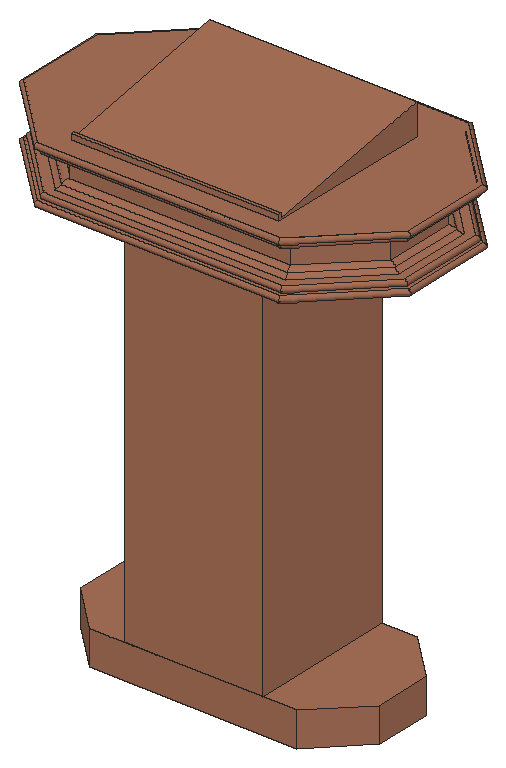
Revit family "Lectern-2_SMARTBIM", category Furniture, Revit 2013
Parameters
  X = 7 3/4"
  Width = 34"
  Subcategory = "Scholastic Furniture & Casework"  # constant formula
  SmartBIM Object Version = 3  # constant formula
  SmartBIM Object Created By = "SMARTBIM, LLC"  # constant formula
  Manufacturer = "SMARTBIM"
  Lectern = Wood1
  Height = 44 3/4"
  Depth = 19"
  Default Elevation = 0"  # constant formula
  Assembly Code = "E2010200"
  95 CSI = "12350"
  04 CSI = "12 35 50"
Reference planes (in)
  plane 1 "Center (Front/Back)": y = 0
  plane 2: z = 0
  plane 3 "Center (Left/Right)": x = 0
  plane 4: x = -17
  plane 5: x = 17
  plane 6: y = 9.5
  plane 7: y = -9.5
  plane 8: z = 44.75
  plane 9: x = -13
  plane 10: x = 13
  plane 11: y = 6.5
  plane 12: y = -6.5
  plane 13: x = -6
  plane 14: x = 6
  plane 15: z = 37
  plane 16: z = 42
Forms (in)
  Extrusion 1, solid, material "Wood1" <- "Lectern"
    sketch origin (0, 0, 0) x (1, 0, 0) y (0, 1, 0)
      loop
        line (-9, 6.5) -> (-13, 2.5) -> (-13, -2.5) -> (-9, -6.5) -> (9, -6.5) -> (13, -2.5) -> (13, 2.5) -> (9, 6.5) -> (-9, 6.5)
    from 0 to 3
  Extrusion 2, solid, material "Wood1" <- "Lectern"
    sketch origin (0, 0, 3) x (1, 0, 0) y (0, 1, 0)
      loop
        line (-6, 6.5) -> (-6, -6.5) -> (6, -6.5) -> (6, 6.5) -> (-6, 6.5)
    from 0 to 34
  Extrusion 3, solid, material "Wood1" <- "Lectern"
    sketch origin (0, 0, 36.1303) x (0, -1, 0) y (-1, 0, 0)
      loop
        line (-6.5, 9) -> (-6.5, -9) -> (-2.5, -13) -> (2.5, -13) -> (6.5, -9) -> (6.5, 9) -> (2.5, 13) -> (-2.5, 13) -> (-6.5, 9)
    from -5.8697 to -0.8697
  Sweep 4, solid, material "Wood1" <- "Lectern"
    path origin (-17, -180, 42) x (-1, 0, 0) y (0, -1, 0)
      loop
        line (-4, -182.5) -> (-4, -177.5) -> (-8, -173.5) -> (-26, -173.5) -> (-30, -177.5) -> (-30, -182.5) -> (-26, -186.5) -> (-8, -186.5) -> (-4, -182.5)
    profile origin (-13, 0, 42) x (1, 0, 0) y (0, 0, 1)
      loop
        line (0, 0) -> (-3.75, 0)
        arc (-3.75, 0) -> (-4, -0.25) -> (-3.75, -0.5) r 0.25
        line (-3.75, -0.5) -> (-3.30106, -0.5)
        arc (-3.30106, -0.5) -> (-3.55106, -0.75) -> (-3.30106, -1) r 0.25
        line (-3.30106, -1) -> (-2.53029, -1)
        arc (-2.53029, -1) -> (-2.26231, -1.08003) -> (-2.05326, -1.26582) r 0.64609
        arc (-2.05326, -1.26582) -> (-1.78383, -1.48843) -> (-1.44012, -1.55173) r 0.69492
        line (-1.44012, -1.55173) -> (-1.44012, -3.44827)
        arc (-1.44012, -3.44827) -> (-1.78383, -3.51157) -> (-2.05326, -3.73418) r 0.69492
        arc (-2.05326, -3.73418) -> (-2.26231, -3.91997) -> (-2.53029, -4) r 0.64609
        line (-2.53029, -4) -> (-3.30106, -4)
        arc (-3.30106, -4) -> (-3.55106, -4.25) -> (-3.30106, -4.5) r 0.25
        line (-3.30106, -4.5) -> (-3.75, -4.5)
        arc (-3.75, -4.5) -> (-4, -4.75) -> (-3.75, -5) r 0.25
        line (-3.75, -5) -> (0, -5) -> (0, 0)
  Extrusion 5, solid, material "Wood1" <- "Lectern"
    sketch origin (0, 0, 0) x (0, 1, 0) y (0, 0, 1)
      loop
        line (-8.5, 42) -> (6.5, 42) -> (6.5, 44.75) -> (-8.25, 42.04583) -> (-8.25, 42.5) -> (-8.5, 42.5) -> (-8.5, 42)
    from -9 to 9
Cuts and joins
  joined: Extrusion 3, Sweep 4
Dimensions and locks (in)
  equal spacing: plane 4, plane 3 "Center (Left/Right)", plane 5
  "Width": plane 4 to plane 5
  equal spacing: plane 6, plane 1 "Center (Front/Back)", plane 7
  "Depth": plane 6 to plane 7
  "Height": plane 8 to plane 2
  locked: plane 4 to plane 9 at 4
  locked: plane 10 to plane 5 at 4
  locked: plane 6 to plane 11 at 3
  locked: plane 7 to plane 12 at 3
  locked: plane 4 to plane 13 at 11
  locked: plane 14 to plane 5 at 11
  locked: plane 8 to plane 15 at 7.75
  locked: plane 16 to plane 15 at 5
  locked: Extrusion 5 to plane 13 at 3
  locked: plane 14 to Extrusion 5 at 3
  aligned and locked: plane 2 to level
  aligned and locked: Extrusion 1 sketch curve to plane 11
  aligned and locked: Extrusion 1 sketch curve to plane 9
  aligned and locked: plane 10 to Extrusion 1 sketch curve
  aligned and locked: plane 12 to Extrusion 1 sketch curve
  aligned and locked: Extrusion 1 to level
  aligned and locked: Extrusion 2 sketch curve to plane 11
  aligned and locked: plane 12 to Extrusion 2 sketch curve
  aligned and locked: Extrusion 2 sketch curve to plane 13
  aligned and locked: plane 14 to Extrusion 2 sketch curve
  aligned and locked: plane 15 to Extrusion 2
  aligned and locked: plane 16 to Extrusion 3
  aligned and locked: Extrusion 3 to Extrusion 2
  aligned and locked: Sweep 4 sketch curve to Extrusion 3  (x8)
  aligned and locked: Extrusion 3 to Sweep 4 sketch curve
  aligned and locked: Sweep 4 sketch curve to plane 16
  aligned and locked: Sweep 4 sketch curve to plane 15
  aligned and locked: plane 8 to Extrusion 5 sketch curve
  aligned and locked: plane 11 to Extrusion 5 sketch curve
  aligned and locked: plane 16 to Extrusion 5 sketch curve
Automatic sketch dimensions
  plane 13 to Extrusion 1 sketch curve = 3"  (x2)
  plane 14 to Extrusion 1 sketch curve = 3"  (x2)
  plane 1 "Center (Front/Back)" to Extrusion 1 sketch curve = 2 1/2"  (x2)
  Extrusion 1 sketch curve to plane 1 "Center (Front/Back)" = 2 1/2"  (x2)
  Extrusion 3 sketch curve to plane 11 = 0"
  Extrusion 3 sketch curve to plane 10 = 0"
  Extrusion 3 sketch curve to plane 9 = 0"
  Extrusion 3 sketch curve to plane 12 = 0"
  Extrusion 3 sketch curve to plane 1 "Center (Front/Back)" = 2 1/2"  (x2)
  plane 1 "Center (Front/Back)" to Extrusion 3 sketch curve = 2 1/2"  (x2)
  plane 13 to Extrusion 3 sketch curve = 3"  (x2)
  plane 14 to Extrusion 3 sketch curve = 3"  (x2)
  profile plane to Sweep 4 sketch curve = 1.44012"
  Sweep 4 sketch curve to Sweep 4 sketch curve = 0.05003"
  Sweep 4 sketch curve to Sweep 4 sketch curve = 0.61314"
  Sweep 4 sketch curve to Sweep 4 sketch curve = 0"  (x6)
  Sweep 4 sketch curve to Sweep 4 sketch curve = 0.47704"  (x2)
  Sweep 4 sketch curve to Sweep 4 sketch curve = 0.04651"  (x2)
  Sweep 4 sketch curve to Sweep 4 sketch curve = 0.77077"  (x2)
  Sweep 4 sketch curve to Sweep 4 sketch curve = 0.44894"  (x2)
  Sweep 4 sketch curve to Sweep 4 sketch curve = 1/4"  (x3)
  Sweep 4 sketch curve to Sweep 4 sketch curve = 0.14138"
  Sweep 4 sketch curve to Sweep 4 sketch curve = 2.25986"
  Sweep 4 sketch curve to Sweep 4 sketch curve = 0.56311"
  Sweep 4 sketch curve to plane 16 = 1.64442"
  Sweep 4 sketch curve to Sweep 4 sketch curve = 0.09268"
  plane 16 to Extrusion 5 sketch curve = 1/2"
  Extrusion 5 sketch curve to Extrusion 5 sketch curve = 1/4"
  Extrusion 5 sketch curve to plane 7 = 1"
  plane 16 to Extrusion 5 sketch curve = 0.04583"
